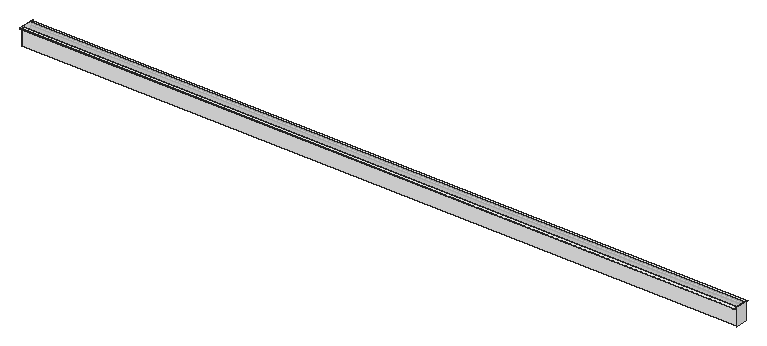
Revit family "2093132 Sylvania Lighting Fixture MC2 TRIM 3-6M 4K DALEM WHT OPAL", category Lighting Fixtures, host Face, Revit 2016
Family settings
  Host = Face
  Part Type = Normal
  Round Connector Dimension = Use Diameter
  OmniClass Number = 23.80.70.11.17
  OmniClass Title = Specialized Lighting by Location or Use
  Cut with Voids When Loaded = No
  Light Source = Yes
  Shared = No
  Room Calculation Point = No
Parameters (values of type "2093132 MC2 TRIM 3.6M 4K DALEM WHT OPAL Emergency mode")
  Width_SYL = 54.0 mm
  Weight = "8.7 kg"
  Wattage = 66 W
  WarrantyStartDate [instance] = "n/a"
  WarrantyGuarantorParts = "n/a"
  WarrantyDurationUnit = "n/a"
  WarrantyDurationParts = "n/a"
  WarrantyDescription = "n/a"
  built-in parameter 1150110 = 1 (stored number, unit not read)
  Voltage = 0 V
  URL = "http://www.sylvania-lighting.com"
  TypeName = "MC2 TRIM 3.6M 4K DALEM WHT OPAL Emergency mode"
  built-in parameter 1114217 = 1 (stored number, unit not read)
  Tilt Angle = -90.00°
  built-in parameter 1150109 = 1 (stored number, unit not read)
  built-in parameter 1150134 = 12
  built-in parameter 1150113 = 1 (stored number, unit not read)
  SerialNumber [instance] = "n/a"
  PowerFactor = 0.98
  PowerConsumption = "66 W"
  NominalWidth = 0.0 mm
  NominalLength = 3600.0 mm
  NominalHeight = 86.0 mm
  Name = "MC2 TRIM 3.6M 4K DALEM WHT OPAL Emergency mode"
  ModelReference = "MC2 TRIM 3.6M 4K DALEM WHT OPAL"
  ModelNumber = "2093132"
  Material_3_SYL = Metal_Sylvania_Mini Contiuum II_Silver
  Photometric Web File = "2093132EM.ies"
  Material = "aluminium housing, polycarbonate diffuser"
  ManufacturerName = "Feilo Sylvania"
  LuminousEfficacy = "1.833 lm/W"
  LuminaireType = ""
  LightOutputRatio = "100"
  Length_SYL = 3600.0 mm
  LampsType = Lamp  # "LED"
  LampNominalLuminous = "121 lm"
  LampMacAdamStep = "3"
  LampColourTemperature = "4000 K"
  LampColourRenderingIndex = "80"
  Keynote = "16500"
  InstallationDate [instance] = "n/a"
  InputVoltage = "n/a"
  InputNominalFrequency = "n/a"
  IngressProtection = "IP20"
  ImpactProtectionIndex = "n/a"
  IfcExportType = "IfcLightFixtureType"
  IfcExportAs = "IfcLightFixtureType"
  Height_SYL = 86.0 mm
  ExpectedLife = 50000
  EndCapRight_SYL [instance] = yes
  EndCapLeft_SYL [instance] = yes
  Emit from Rectangle Width = Width_SYL - 2.0 mm  # 52.0 mm
  Emit from Rectangle Length = Length_SYL  # 3600.0 mm
  Emit Shape Visible in Rendering = no
  ElectricShockClassification = "Class I"
  DurationUnit = "hours"
  DocumentationLiterature = "http://www.sylvania-lighting.com/product/en-int/products/2093132"
  DimmingControlOptions = "n/a"
  CreatedOn = "10/15/2018"
  CreatedBy = "@sylvania-lighting.com"
  built-in parameter 1114216 [instance] = 1 (stored number, unit not read)
  Model = "MC2 TRIM 3.6M 4K DALEM WHT OPAL"
  Manufacturer = "Feilo Sylvania"  # constant formula
  built-in parameter 1150105 = 9.6289 (stored number, unit not read)
  Lumens = 121 lm
  built-in parameter 1150115 = 1 (stored number, unit not read)
  built-in parameter 1150137 = (empty or 0)
  built-in parameter 1150139 = (empty or 0)
  built-in parameter 1150112 = 1 (stored number, unit not read)
  built-in parameter 1150114 = 1 (stored number, unit not read)
  Lamp = "LED"
  built-in parameter 1150132 = 2
  built-in parameter 1150102 = (empty or 0)
  built-in parameter 1150107 = 4000 (stored number, unit not read)
  built-in parameter 1150138 = (empty or 0)
  built-in parameter 1150106 = 0.096289 (stored number, unit not read)
  Material_1_SYL = Metal_Sylvania_Mini Continuum II_White
  built-in parameter 1150104 = 0.17032 (stored number, unit not read)
  Dimming Lamp Color Temperature Shift = <None>
  Material_2_SYL = Polycarbonate_Sylvania_Mini Continuum II_Opal_4000K
  Description = "Mini Continuum II introduces a uniquely clean, simple LED lighting system offering continuous, highly uniform lines of light across walls and ceilings. This highly versatile lighting tool can be recessed, semi-recessed, surface-mounted or suspended, either vertically or horizontally. Available as direct/indirect or direct only distribution - both of which can be interconnected. Every batten has a plug and socket arrangement for easy and rapid electrical installation. Mini Continuum II Direct is available in two versions: one with an outside trim detail for plasterboard ceilings; and a trimless version for when a seamless effect is required. Dimmable DALI versions and 3hr non-maintained integral emergency options are available as standard options"  # constant formula
  Default Elevation = 0.0 mm
  Color Filter = 16777215
  built-in parameter 1140040 [instance] = 1
  BarCode [instance] = "n/a"
  built-in parameter 1114218 = 1 (stored number, unit not read)
  built-in parameter 1150133 = 10 (stored number, unit not read)
  AssetType = "Fixed"
  AssetIdentifier [instance] = "n/a"
  Assembly Code = "D5020200"
  Apparent Load = 66 VA
Types (2, lengths in mm): name | TypeName | Name | Photometric Web File | LuminousEfficacy | LampNominalLuminous | built-in parameter 1150105 | Lumens | built-in parameter 1150106 | built-in parameter 1150104
  2093132 MC2 TRIM 3.6M 4K DALEM WHT OPAL Emergency mode | "MC2 TRIM 3.6M 4K DALEM WHT OPAL Emergency mode" | "MC2 TRIM 3.6M 4K DALEM WHT OPAL Emergency mode" | "2093132EM.ies" | "1.833 lm/W" | "121 lm" | 9.6289 (stored number, unit not read) | 121 lm | 0.096289 (stored number, unit not read) | 0.17032 (stored number, unit not read)
  2093132 MC2 TRIM 3.6M 4K DALEM WHT OPAL | "MC2 TRIM 3.6M 4K DALEM WHT OPAL" | "MC2 TRIM 3.6M 4K DALEM WHT OPAL" | "2093132.ies" | "106 lm/W" | "7020 lm" | 556.72 (stored number, unit not read) | 6996 lm | 5.5672 (stored number, unit not read) | 9.8477 (stored number, unit not read)
Reference planes
  plane 1 "Center (Front/Back)": y = 0
  plane 2 "Bottom Fixtures": z = 0
  plane 3 "Center (Left/Right)": x = 0
  plane 4 "Fixture Left": x = -1800
  plane 5 "Fixture Right": x = 1800
  plane 6 "Fixture Bottom": z = 2
  plane 7: z = 0
  plane 8: z = -2
  plane 9: z = -11.049
  plane 10: z = -41.049
  plane 11 "Fixture Top": z = -84
  plane 12: y = 27
  plane 13: y = -27
  plane 14: y = -26
  plane 15: y = -25
  plane 16: y = 26
  plane 17: y = 25
  plane 18: y = 11
  plane 19: y = -11
  plane 20: y = 24
  plane 21: y = 22
  plane 22: y = -22
  plane 23: y = 15
  plane 24: y = -15
  plane 25: y = 40
  plane 26: y = -40
  plane 27: x = -1802
  plane 28: x = 1802
Forms (mm)
  Extrusion 1, solid, material "Metal_Sylvania_Mini Continuum II_White" <- "Material_1_SYL", detail levels fine
    sketch origin (0, 0, -84) x (0, 1, 0) y (0, 0, 1)
      loop
        line (27, 84) -> (40, 84) -> (40, 86) -> (26, 86) -> (26, 84) -> (25, 84) -> (25, 2) -> (13, 2) -> (13, 4) -> (-13, 4) -> (-13, 2) -> (-25, 2) -> (-25, 84) -> (-26, 84) -> (-26, 86) -> (-40, 86) -> (-40, 84) -> (-27, 84) -> (-27, 0) -> (-11, 0) -> (-11, 2) -> (11, 2) -> (11, 0) -> (27, 0) -> (27, 84)
    from -1800 to 1800
  Extrusion 2, solid, material "Polycarbonate_Sylvania_Mini Continuum II_Opal_4000K" <- "Material_2_SYL", detail levels fine
    sketch origin (0, 0, -84) x (0, 1, 0) y (0, 0, 1)
      loop
        line (-26, 86) -> (-26, 84) -> (26, 84) -> (26, 86) -> (-26, 86)
    from -1800 to 1800
  Extrusion 3, solid, material "Metal_Sylvania_Mini Contiuum II_Silver" <- "Material_3_SYL", detail levels fine
    sketch origin (0, 0, -84) x (0, 1, 0) y (0, 0, 1)
      loop
        line (22, 72.951) -> (20.973, 72.951) -> (14.206, 43.951) -> (-14.206, 43.951) -> (-20.973, 72.951) -> (-22, 72.951) -> (-15, 42.951) -> (15, 42.951) -> (22, 72.951)
    from -1800 to 1800
  Extrusion 4, solid, material "Metal_Sylvania_Mini Continuum II_White" <- "Material_1_SYL", detail levels coarse+medium
    sketch origin (0, 0, -84) x (0, 1, 0) y (0, 0, 1)
      loop
        line (-27, 86) -> (-27, 0) -> (27, 0) -> (27, 86) -> (-27, 86)
    from -1800 to 1800
  Extrusion 5, solid, material "Metal_Sylvania_Mini Continuum II_White" <- "Material_1_SYL", detail levels coarse+medium
    sketch origin (0, 0, -84) x (0, 1, 0) y (0, 0, 1)
      loop
        line (40, 86) -> (27, 86) -> (27, 84) -> (40, 84) -> (40, 86)
      loop
        line (-27, 86) -> (-40, 86) -> (-40, 84) -> (-27, 84) -> (-27, 86)
    from -1800 to 1800
  Extrusion 6, void
    sketch origin (0, 0, 0) x (0, 1, 0) y (0, 0, 1)
      loop
        line (27, 0) -> (-27, 0) -> (-27, -84) -> (27, -84) -> (27, 0)
    from -1800 to 1800
  Extrusion 7, solid, material "Metal_Sylvania_Mini Continuum II_White" <- "Material_1_SYL", visible <- "EndCapLeft_SYL"
    sketch origin (-1800, 171.684, 1219.2) x (0, 1, 0) y (0, 0, 1)
      loop
        line (-198.684, -1219.2) -> (-198.684, -1303.2) -> (-144.684, -1303.2) -> (-144.684, -1219.2) -> (-131.684, -1219.2) -> (-131.684, -1217.2) -> (-211.684, -1217.2) -> (-211.684, -1219.2) -> (-198.684, -1219.2)
    from 0 to -2
  Extrusion 8, solid, material "Metal_Sylvania_Mini Continuum II_White" <- "Material_1_SYL", visible <- "EndCapRight_SYL"
    sketch origin (1800, 171.684, 1219.2) x (0, 1, 0) y (0, 0, -1)
      loop
        line (-131.684, 1217.2) -> (-131.684, 1219.2) -> (-144.684, 1219.2) -> (-144.684, 1303.2) -> (-198.684, 1303.2) -> (-198.684, 1219.2) -> (-211.684, 1219.2) -> (-211.684, 1217.2) -> (-131.684, 1217.2)
    from 0 to -2
Lines and regions (mm)
  Masking region 1
    outline origin (0, 0, -86) x (-1, 0, 0) y (0, -1, 0)
      loop
        line (1800, -40) -> (1800, 40) -> (-1800, 40) -> (-1800, -40) -> (1800, -40)
  symbolic lines, detail levels fine
    curve 1: line (-1800, 27, -86) -> (1800, 27, -86)
    curve 2: line (-1800, -27, -86) -> (1800, -27, -86)
Dimensions and locks
  host sketch curve to plane 3 "Center (Left/Right)" to host sketch curve = 1260.0 mm, 1259.41 mm
  equal spacing: plane 4 "Fixture Left", plane 3 "Center (Left/Right)", plane 5 "Fixture Right"
  "Length_SYL": plane 4 "Fixture Left" to plane 5 "Fixture Right"
  plane 6 "Fixture Bottom" to plane 7 to plane 8 to plane 9 to plane 10 = 2.0 mm locked, 2.0 mm locked, 9.049 mm locked, 30.0 mm locked
  locked: Extrusion 1 sketch curve to Extrusion 1 sketch curve at 2
  "Height_SYL": plane 6 "Fixture Bottom" to plane 11 "Fixture Top"
  equal spacing: plane 12, plane 1 "Center (Front/Back)", plane 13
  plane 19 to plane 24 to plane 22 to plane 15 to plane 14 to plane 13 to plane 26 = 4.0 mm locked, 7.0 mm locked, 3.0 mm locked, 1.0 mm locked, 1.0 mm locked, 13.0 mm locked
  plane 25 to plane 12 to plane 16 to plane 17 to plane 20 to plane 21 to plane 23 to plane 18 = 13.0 mm locked, 1.0 mm locked, 1.0 mm locked, 1.0 mm locked, 2.0 mm locked, 7.0 mm locked, 4.0 mm locked
  "Width_SYL": plane 12 to plane 13
  equal spacing: plane 27, plane 3 "Center (Left/Right)", plane 28
  locked: plane 27 to plane 4 "Fixture Left" at 2
  aligned and locked: plane 2 "Bottom Fixtures" to host face
  aligned and locked: level to host face
  aligned and locked: Extrusion 1 sketch curve to plane 7  (x2)
  aligned and locked: plane 6 "Fixture Bottom" to Extrusion 1 sketch curve  (x2)
  aligned and locked: plane 7 to Extrusion 1 sketch curve
  aligned and locked: Extrusion 1 to Extrusion 2 sketch curve
  aligned and locked: Extrusion 2 sketch curve to Extrusion 1  (x3)
  aligned and locked: Extrusion 3 sketch curve to plane 10
  aligned and locked: plane 9 to Extrusion 3 sketch curve
  aligned and locked: Extrusion 3 sketch curve to plane 9
  aligned and locked: Extrusion 4 sketch curve to plane 6 "Fixture Bottom"
  aligned and locked: Extrusion 5 sketch curve to Extrusion 1  (x6)
  aligned and locked: Extrusion 4 to Extrusion 5 sketch curve
  aligned and locked: Extrusion 5 sketch curve to Extrusion 4
  aligned and locked: Extrusion 1 to Extrusion 6 sketch curve
  aligned and locked: Extrusion 6 sketch curve to Extrusion 1
  aligned and locked: Extrusion 6 sketch curve to plane 11 "Fixture Top"
  aligned and locked: Extrusion 6 sketch curve to plane 13
  aligned and locked: Extrusion 6 to plane 5 "Fixture Right"
  aligned and locked: plane 6 "Fixture Bottom" to imposter light
  aligned and locked: Masking region 1 sketch curve to Extrusion 1  (x4)
  aligned and locked: plane 5 "Fixture Right" to curve 1
  aligned and locked: plane 4 "Fixture Left" to curve 1
  aligned and locked: curve 1 to plane 12
  aligned and locked: plane 4 "Fixture Left" to curve 2
  aligned and locked: plane 5 "Fixture Right" to curve 2
  aligned and locked: curve 2 to plane 13
  aligned and locked: Extrusion 4 to plane 5 "Fixture Right"
  aligned and locked: Extrusion 1 to plane 5 "Fixture Right"
  aligned and locked: Extrusion 3 to plane 5 "Fixture Right"
  aligned and locked: Extrusion 4 to plane 4 "Fixture Left"
  aligned and locked: Extrusion 1 to plane 4 "Fixture Left"
  aligned and locked: Extrusion 3 to plane 4 "Fixture Left"
  aligned and locked: Extrusion 2 to plane 5 "Fixture Right"
  aligned and locked: Extrusion 5 to plane 5 "Fixture Right"
  aligned and locked: Extrusion 5 to plane 4 "Fixture Left"
  aligned and locked: Extrusion 2 to plane 4 "Fixture Left"
  aligned and locked: Extrusion 6 to plane 4 "Fixture Left"
  aligned and locked: Extrusion 4 to Extrusion 7 sketch curve
  aligned and locked: Extrusion 7 sketch curve to Extrusion 4  (x2)
  aligned and locked: Extrusion 7 sketch curve to Extrusion 5  (x4)
  aligned and locked: plane 6 "Fixture Bottom" to Extrusion 7 sketch curve
  aligned and locked: Extrusion 7 to plane 27
  aligned and locked: plane 4 "Fixture Left" to Extrusion 7
  aligned and locked: Extrusion 8 sketch curve to Extrusion 7  (x8)
  aligned and locked: plane 28 to Extrusion 8
  aligned and locked: plane 5 "Fixture Right" to Extrusion 8
Automatic sketch dimensions
  host sketch curve to host sketch curve = 1047.463 mm
  Extrusion 1 sketch curve to plane 26 = 0.0 mm
  Extrusion 1 sketch curve to plane 13 = 0.0 mm
  Extrusion 1 sketch curve to plane 14 = 0.0 mm
  Extrusion 1 sketch curve to plane 15 = 0.0 mm
  Extrusion 1 sketch curve to plane 19 = 0.0 mm
  Extrusion 1 sketch curve to plane 18 = 0.0 mm
  Extrusion 1 sketch curve to plane 17 = 0.0 mm
  Extrusion 1 sketch curve to plane 16 = 0.0 mm
  Extrusion 1 sketch curve to level = 0.0 mm
  Extrusion 1 sketch curve to plane 12 = 0.0 mm
  Extrusion 1 sketch curve to plane 25 = 0.0 mm
  Extrusion 1 sketch curve to plane 11 "Fixture Top" = 0.0 mm  (x2)
  Extrusion 1 sketch curve to plane 19 = 2.0 mm
  Extrusion 1 sketch curve to plane 18 = 2.0 mm
  plane 11 "Fixture Top" to Extrusion 1 sketch curve = 2.0 mm  (x3)
  Extrusion 3 sketch curve to plane 22 = 0.0 mm
  Extrusion 3 sketch curve to plane 24 = 0.0 mm
  Extrusion 3 sketch curve to plane 23 = 0.0 mm
  Extrusion 3 sketch curve to plane 21 = 0.0 mm
  plane 10 to Extrusion 3 sketch curve = 1.0 mm
  Extrusion 3 sketch curve to Extrusion 3 sketch curve = 1.027 mm  (x2)
  plane 24 to Extrusion 3 sketch curve = 0.794 mm
  plane 23 to Extrusion 3 sketch curve = 0.794 mm
  Extrusion 4 sketch curve to plane 11 "Fixture Top" = 0.0 mm
  Extrusion 4 sketch curve to plane 13 = 0.0 mm
  Extrusion 4 sketch curve to plane 12 = 0.0 mm
Connectors
  electrical at (-1800, 0, 0), driven by "Apparent Load"
    settings: index 1, voltage 230 V, apparent load 0 VA, apparent load phase1 66 VA, apparent load phase2 0 VA, apparent load phase3 0 VA, power factor 1, load classification "Lighting", number of poles 1, system type 31, power factor state 1, is connector primary yes, connector utility no, sub classification motor no, connector description ""
